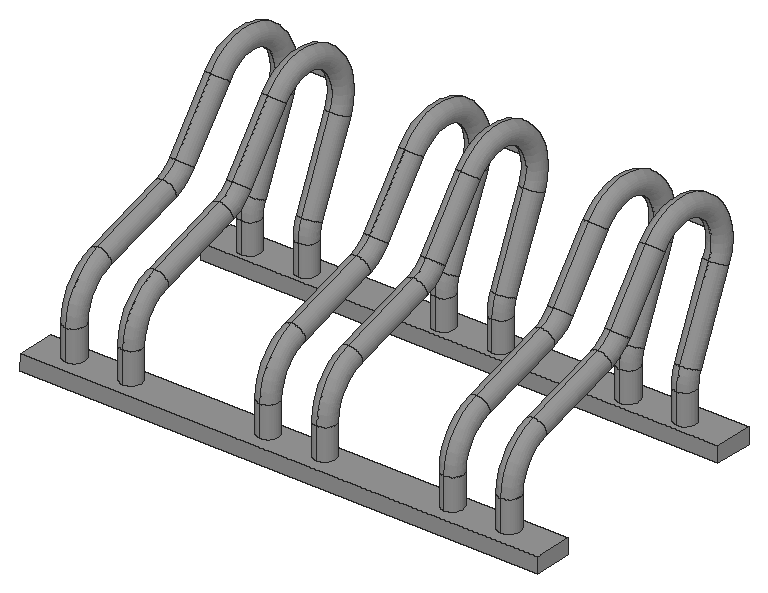
Revit family "19133 Велопарковка «Рапид» Хоббика", category Антураж, Revit 2018
Family settings
  На основе рабочей плоскости = Нет
  Всегда вертикально = Да
  При загрузке вырезать с полостями = Нет
  Источник визуального образа = Геометрия семейства
  Общий = Нет
  Точка расчета площади = Нет
Parameters (values of type "Версия 3 места")
  Ширина = 570 mm  # constant formula
  Цвет каркаса = Сталь
  Описание = if(Версия 2 места, "Велопарковка «Рапид». Версия на 2 места", "Велопарковка «Рапид». Версия на 3 места")  # "Велопарковка «Рапид». Версия на 3 места"
  Материал изделия = "Сталь"  # constant formula
  Изображение типоразмера = Велопарковка «Рапид» Арт 19133 3 места.jpeg
  Изготовитель = "ООО «Хоббика»"  # constant formula
  Длина = if(Версия 2 места, 580 mm, 1000 mm)  # 1000 mm
  Группа модели = "Велопарковки"  # constant formula
  Высота = 420 mm  # constant formula
  Версия 3 места = not(Версия 2 места)  # yes
  Версия 2 места = no
  Артикул товара = "Арт. 19133"  # constant formula
  URL = "https://hobbyka.ru/product/veloparkovka_rapid/"
Types (3, lengths in mm): name | Описание | Изображение типоразмера | Длина | Версия 3 места | Версия 2 места
  (no name) | "Велопарковка «Рапид». Версия на 3 места" | Велопарковка «Рапид» Арт 19133 3 места.jpeg | 1000 | yes | no
  Версия 2 места | "Велопарковка «Рапид». Версия на 2 места" | Велопарковка «Рапид» Арт 19133 2 места.jpeg | 580 | no | yes
  Версия 3 места | "Велопарковка «Рапид». Версия на 3 места" | Велопарковка «Рапид» Арт 19133 3 места.jpeg | 1000 | yes | no
Reference planes
  plane 1 "По центру (Вперед/Назад)": y = 0
  plane 2: z = 0
  plane 3 "По центру (Влево/Вправо)": x = 0
  plane 4: y = 570
  plane 5: x = 1000
  plane 6: z = 420
Forms (mm)
  Sweep 1, solid, material "Сталь" <- "Цвет каркаса"
    path origin (0, 0, 0) x (0, 1, 0) y (0, 0, 1)
      loop
        line (487.133, 30) -> (487.133, 87.743)
        arc (487.133, 87.743) -> (488.444, 100.217) -> (492.32, 112.147) r 60
        line (492.32, 112.147) -> (560.49, 265.259)
        arc (560.49, 265.259) -> (515.829, 404.779) -> (372.15, 376.2) r 110
        line (372.15, 376.2) -> (287.498, 263.862)
        arc (287.498, 263.862) -> (273.994, 250.822) -> (257.122, 242.593) r 60
        line (257.122, 242.593) -> (100.567, 194.729)
        arc (100.567, 194.729) -> (44.303, 154.966) -> (22.727, 89.536) r 110
        line (22.727, 89.536) -> (22.727, 30)
    profile origin (0, 487.133, 58.871) x (0, -1, 0) y (1, 0, 0)
      loop
        circle (20, 70) r 20
  Sweep 2, solid, material "Сталь" <- "Цвет каркаса"
    path origin (110, 0, 0) x (0, 1, 0) y (0, 0, 1)
      loop
        line (487.133, 30) -> (487.133, 87.743)
        arc (487.133, 87.743) -> (488.444, 100.217) -> (492.32, 112.147) r 60
        line (492.32, 112.147) -> (560.49, 265.259)
        arc (560.49, 265.259) -> (515.829, 404.779) -> (372.15, 376.2) r 110
        line (372.15, 376.2) -> (287.498, 263.862)
        arc (287.498, 263.862) -> (273.994, 250.822) -> (257.122, 242.593) r 60
        line (257.122, 242.593) -> (100.567, 194.729)
        arc (100.567, 194.729) -> (44.303, 154.966) -> (22.727, 89.536) r 110
        line (22.727, 89.536) -> (22.727, 30)
    profile origin (110, 487.133, 58.871) x (0, -1, 0) y (1, 0, 0)
      loop
        circle (20, 70) r 20
  Sweep 3, solid, material "Сталь" <- "Цвет каркаса", visible <- "Версия 2 места"
    path origin (330, 0, 0) x (0, 1, 0) y (0, 0, 1)
      loop
        line (487.133, 30) -> (487.133, 87.743)
        arc (487.133, 87.743) -> (488.444, 100.217) -> (492.32, 112.147) r 60
        line (492.32, 112.147) -> (560.49, 265.259)
        arc (560.49, 265.259) -> (515.829, 404.779) -> (372.15, 376.2) r 110
        line (372.15, 376.2) -> (287.498, 263.862)
        arc (287.498, 263.862) -> (273.994, 250.822) -> (257.122, 242.593) r 60
        line (257.122, 242.593) -> (100.567, 194.729)
        arc (100.567, 194.729) -> (44.303, 154.966) -> (22.727, 89.536) r 110
        line (22.727, 89.536) -> (22.727, 30)
    profile origin (330, 487.133, 58.871) x (0, -1, 0) y (1, 0, 0)
      loop
        circle (20, 70) r 20
  Sweep 4, solid, material "Сталь" <- "Цвет каркаса", visible <- "Версия 2 места"
    path origin (440, 0, 0) x (0, 1, 0) y (0, 0, 1)
      loop
        line (487.133, 30) -> (487.133, 87.743)
        arc (487.133, 87.743) -> (488.444, 100.217) -> (492.32, 112.147) r 60
        line (492.32, 112.147) -> (560.49, 265.259)
        arc (560.49, 265.259) -> (515.829, 404.779) -> (372.15, 376.2) r 110
        line (372.15, 376.2) -> (287.498, 263.862)
        arc (287.498, 263.862) -> (273.994, 250.822) -> (257.122, 242.593) r 60
        line (257.122, 242.593) -> (100.567, 194.729)
        arc (100.567, 194.729) -> (44.303, 154.966) -> (22.727, 89.536) r 110
        line (22.727, 89.536) -> (22.727, 30)
    profile origin (440, 487.133, 58.871) x (0, -1, 0) y (1, 0, 0)
      loop
        circle (20, 70) r 20
  Sweep 5, solid, material "Сталь" <- "Цвет каркаса", visible <- "Версия 3 места"
    path origin (375, 0, 0) x (0, 1, 0) y (0, 0, 1)
      loop
        line (487.133, 30) -> (487.133, 87.743)
        arc (487.133, 87.743) -> (488.444, 100.217) -> (492.32, 112.147) r 60
        line (492.32, 112.147) -> (560.49, 265.259)
        arc (560.49, 265.259) -> (515.829, 404.779) -> (372.15, 376.2) r 110
        line (372.15, 376.2) -> (287.498, 263.862)
        arc (287.498, 263.862) -> (273.994, 250.822) -> (257.122, 242.593) r 60
        line (257.122, 242.593) -> (100.567, 194.729)
        arc (100.567, 194.729) -> (44.303, 154.966) -> (22.727, 89.536) r 110
        line (22.727, 89.536) -> (22.727, 30)
    profile origin (375, 487.133, 58.871) x (0, -1, 0) y (1, 0, 0)
      loop
        circle (20, 70) r 20
  Sweep 6, solid, material "Сталь" <- "Цвет каркаса", visible <- "Версия 3 места"
    path origin (485, 0, 0) x (0, 1, 0) y (0, 0, 1)
      loop
        line (487.133, 30) -> (487.133, 87.743)
        arc (487.133, 87.743) -> (488.444, 100.217) -> (492.32, 112.147) r 60
        line (492.32, 112.147) -> (560.49, 265.259)
        arc (560.49, 265.259) -> (515.829, 404.779) -> (372.15, 376.2) r 110
        line (372.15, 376.2) -> (287.498, 263.862)
        arc (287.498, 263.862) -> (273.994, 250.822) -> (257.122, 242.593) r 60
        line (257.122, 242.593) -> (100.567, 194.729)
        arc (100.567, 194.729) -> (44.303, 154.966) -> (22.727, 89.536) r 110
        line (22.727, 89.536) -> (22.727, 30)
    profile origin (485, 487.133, 58.871) x (0, -1, 0) y (1, 0, 0)
      loop
        circle (20, 70) r 20
  Sweep 7, solid, material "Сталь" <- "Цвет каркаса", visible <- "Версия 3 места"
    path origin (731.725, 0, 0) x (0, 1, 0) y (0, 0, 1)
      loop
        line (487.133, 30) -> (487.133, 87.743)
        arc (487.133, 87.743) -> (488.444, 100.217) -> (492.32, 112.147) r 60
        line (492.32, 112.147) -> (560.49, 265.259)
        arc (560.49, 265.259) -> (515.829, 404.779) -> (372.15, 376.2) r 110
        line (372.15, 376.2) -> (287.498, 263.862)
        arc (287.498, 263.862) -> (273.994, 250.822) -> (257.122, 242.593) r 60
        line (257.122, 242.593) -> (100.567, 194.729)
        arc (100.567, 194.729) -> (44.303, 154.966) -> (22.727, 89.536) r 110
        line (22.727, 89.536) -> (22.727, 30)
    profile origin (731.725, 487.133, 58.871) x (0, -1, 0) y (1, 0, 0)
      loop
        circle (20, 70) r 20
  Sweep 8, solid, material "Сталь" <- "Цвет каркаса", visible <- "Версия 3 места"
    path origin (841.725, 0, 0) x (0, 1, 0) y (0, 0, 1)
      loop
        line (487.133, 30) -> (487.133, 87.743)
        arc (487.133, 87.743) -> (488.444, 100.217) -> (492.32, 112.147) r 60
        line (492.32, 112.147) -> (560.49, 265.259)
        arc (560.49, 265.259) -> (515.829, 404.779) -> (372.15, 376.2) r 110
        line (372.15, 376.2) -> (287.498, 263.862)
        arc (287.498, 263.862) -> (273.994, 250.822) -> (257.122, 242.593) r 60
        line (257.122, 242.593) -> (100.567, 194.729)
        arc (100.567, 194.729) -> (44.303, 154.966) -> (22.727, 89.536) r 110
        line (22.727, 89.536) -> (22.727, 30)
    profile origin (841.725, 487.133, 58.871) x (0, -1, 0) y (1, 0, 0)
      loop
        circle (20, 70) r 20
  Extrusion 9, solid, material "Сталь" <- "Цвет каркаса"
    sketch origin (0, 0, 0) x (0, 1, 0) y (0, 0, 1)
      loop
        line (72.727, 30) -> (0, 30) -> (0, 0) -> (72.727, 0) -> (72.727, 30)
      loop
        line (437.133, 30) -> (437.133, 0) -> (509.86, 0) -> (509.86, 30) -> (437.133, 30)
    from 0 to 1000
  Extrusion 10, solid, material "Сталь" <- "Цвет каркаса", visible <- "Версия 3 места"
    sketch origin (0, 0, 0) x (1, 0, 0) y (0, 1, 0)
      loop
        line (70, 549) -> (180, 549) -> (180, 551) -> (70, 551) -> (70, 549)
      loop
        line (445, 549) -> (555, 549) -> (555, 551) -> (445, 551) -> (445, 549)
      loop
        line (801.725, 549) -> (911.725, 549) -> (911.725, 551) -> (801.725, 551) -> (801.725, 549)
    from 320 to 340
  Extrusion 11, solid, material "Сталь" <- "Цвет каркаса", visible <- "Версия 2 места"
    sketch origin (0, 0, 0) x (1, 0, 0) y (0, 1, 0)
      loop
        line (70, 549) -> (180, 549) -> (180, 551) -> (70, 551) -> (70, 549)
      loop
        line (400, 549) -> (510, 549) -> (510, 551) -> (400, 551) -> (400, 549)
    from 320 to 340
Dimensions and locks
  "Длина": plane 3 "По центру (Влево/Вправо)" to plane 5
  "Ширина": plane 4 to plane 1 "По центру (Вперед/Назад)"
  "Высота": plane 6 to plane 2
  plane 3 "По центру (Влево/Вправо)" to Extrusion 10 sketch curve to Extrusion 10 sketch curve to Extrusion 10 sketch curve to Extrusion 10 sketch curve to Extrusion 10 sketch curve to Extrusion 10 sketch curve = 70 mm locked, 110 mm locked, 265 mm locked, 110 mm locked, 246.725 mm locked, 110 mm locked
  plane 3 "По центру (Влево/Вправо)" to Extrusion 11 sketch curve to Extrusion 11 sketch curve to Extrusion 11 sketch curve to Extrusion 11 sketch curve = 70 mm locked, 110 mm locked, 220 mm locked, 110 mm
  aligned and locked: level to plane 2
  aligned and locked: plane 5 to Extrusion 9
Automatic sketch dimensions
  Sweep 1 sketch curve to plane 1 "По центру (Вперед/Назад)" = 22.727 mm
  Sweep 1 sketch curve to plane 1 "По центру (Вперед/Назад)" = 100.567 mm
  Sweep 1 sketch curve to Sweep 1 sketch curve = 32.161 mm
  Sweep 1 sketch curve to Sweep 1 sketch curve = 139.013 mm
  Sweep 1 sketch curve to Sweep 1 sketch curve = 17.542 mm
  Sweep 1 sketch curve to plane 6 = 156.138 mm
  Sweep 1 sketch curve to Sweep 1 sketch curve = 30.376 mm
  Sweep 1 sketch curve to plane 6 = 43.8 mm
  Sweep 1 sketch curve to Sweep 1 sketch curve = 84.652 mm
  Sweep 1 sketch curve to Sweep 1 sketch curve = 87.85 mm
  Sweep 1 sketch curve to plane 4 = 82.867 mm
  Sweep 1 sketch curve to Sweep 1 sketch curve = 5.187 mm
  Sweep 1 sketch curve to plane 4 = 22.867 mm
  Sweep 1 sketch curve to plane 4 = 9.51 mm
  Sweep 1 sketch curve to Sweep 1 sketch curve = 21.269 mm
  Sweep 1 sketch curve to Sweep 1 sketch curve = 47.864 mm
  level to Sweep 1 sketch curve = 112.147 mm
  Sweep 1 sketch curve to plane 6 = 154.741 mm
  level to Sweep 1 sketch curve = 30 mm  (x2)
  Sweep 1 sketch curve to profile plane = 20 mm
  plane 3 "По центру (Влево/Вправо)" to Sweep 1 sketch curve = 70 mm
  Sweep 2 sketch curve to plane 1 "По центру (Вперед/Назад)" = 22.727 mm
  Sweep 2 sketch curve to plane 1 "По центру (Вперед/Назад)" = 100.567 mm
  Sweep 2 sketch curve to Sweep 2 sketch curve = 32.161 mm
  Sweep 2 sketch curve to Sweep 2 sketch curve = 139.013 mm
  Sweep 2 sketch curve to Sweep 2 sketch curve = 17.542 mm
  Sweep 2 sketch curve to plane 6 = 156.138 mm
  Sweep 2 sketch curve to Sweep 2 sketch curve = 30.376 mm
  Sweep 2 sketch curve to plane 6 = 43.8 mm
  Sweep 2 sketch curve to Sweep 2 sketch curve = 84.652 mm
  Sweep 2 sketch curve to Sweep 2 sketch curve = 87.85 mm
  Sweep 2 sketch curve to plane 4 = 82.867 mm
  Sweep 2 sketch curve to Sweep 2 sketch curve = 5.187 mm
  Sweep 2 sketch curve to plane 4 = 22.867 mm
  Sweep 2 sketch curve to plane 4 = 9.51 mm
  Sweep 2 sketch curve to Sweep 2 sketch curve = 21.269 mm
  Sweep 2 sketch curve to Sweep 2 sketch curve = 47.864 mm
  level to Sweep 2 sketch curve = 112.147 mm
  Sweep 2 sketch curve to plane 6 = 154.741 mm
  level to Sweep 2 sketch curve = 30 mm  (x2)
  Sweep 2 sketch curve to profile plane = 20 mm
  profile plane to Sweep 2 sketch curve = 70 mm
  Sweep 3 sketch curve to plane 1 "По центру (Вперед/Назад)" = 22.727 mm
  Sweep 3 sketch curve to plane 1 "По центру (Вперед/Назад)" = 100.567 mm
  Sweep 3 sketch curve to Sweep 3 sketch curve = 32.161 mm
  Sweep 3 sketch curve to Sweep 3 sketch curve = 139.013 mm
  Sweep 3 sketch curve to Sweep 3 sketch curve = 17.542 mm
  Sweep 3 sketch curve to plane 6 = 156.138 mm
  Sweep 3 sketch curve to Sweep 3 sketch curve = 30.376 mm
  Sweep 3 sketch curve to plane 6 = 43.8 mm
  Sweep 3 sketch curve to Sweep 3 sketch curve = 84.652 mm
  Sweep 3 sketch curve to Sweep 3 sketch curve = 87.85 mm
  Sweep 3 sketch curve to plane 4 = 82.867 mm
  Sweep 3 sketch curve to Sweep 3 sketch curve = 5.187 mm
  Sweep 3 sketch curve to plane 4 = 22.867 mm
  Sweep 3 sketch curve to plane 4 = 9.51 mm
  Sweep 3 sketch curve to Sweep 3 sketch curve = 21.269 mm
  Sweep 3 sketch curve to Sweep 3 sketch curve = 47.864 mm
  level to Sweep 3 sketch curve = 112.147 mm
  Sweep 3 sketch curve to plane 6 = 154.741 mm
  level to Sweep 3 sketch curve = 30 mm  (x2)
  Sweep 3 sketch curve to profile plane = 20 mm
  profile plane to Sweep 3 sketch curve = 70 mm
  Sweep 4 sketch curve to plane 1 "По центру (Вперед/Назад)" = 22.727 mm
  Sweep 4 sketch curve to plane 1 "По центру (Вперед/Назад)" = 100.567 mm
  Sweep 4 sketch curve to Sweep 4 sketch curve = 32.161 mm
  Sweep 4 sketch curve to Sweep 4 sketch curve = 139.013 mm
  Sweep 4 sketch curve to Sweep 4 sketch curve = 17.542 mm
  Sweep 4 sketch curve to plane 6 = 156.138 mm
  Sweep 4 sketch curve to Sweep 4 sketch curve = 30.376 mm
  Sweep 4 sketch curve to plane 6 = 43.8 mm
  Sweep 4 sketch curve to Sweep 4 sketch curve = 84.652 mm
  Sweep 4 sketch curve to Sweep 4 sketch curve = 87.85 mm
  Sweep 4 sketch curve to plane 4 = 82.867 mm
  Sweep 4 sketch curve to Sweep 4 sketch curve = 5.187 mm
  Sweep 4 sketch curve to plane 4 = 22.867 mm
  Sweep 4 sketch curve to plane 4 = 9.51 mm
  Sweep 4 sketch curve to Sweep 4 sketch curve = 21.269 mm
  Sweep 4 sketch curve to Sweep 4 sketch curve = 47.864 mm
  level to Sweep 4 sketch curve = 112.147 mm
  Sweep 4 sketch curve to plane 6 = 154.741 mm
  level to Sweep 4 sketch curve = 30 mm  (x2)
  Sweep 4 sketch curve to profile plane = 20 mm
  profile plane to Sweep 4 sketch curve = 70 mm
  Sweep 5 sketch curve to plane 1 "По центру (Вперед/Назад)" = 22.727 mm
  Sweep 5 sketch curve to plane 1 "По центру (Вперед/Назад)" = 100.567 mm
  Sweep 5 sketch curve to Sweep 5 sketch curve = 32.161 mm
  Sweep 5 sketch curve to Sweep 5 sketch curve = 139.013 mm
  Sweep 5 sketch curve to Sweep 5 sketch curve = 17.542 mm
  Sweep 5 sketch curve to plane 6 = 156.138 mm
  Sweep 5 sketch curve to Sweep 5 sketch curve = 30.376 mm
  Sweep 5 sketch curve to plane 6 = 43.8 mm
  Sweep 5 sketch curve to Sweep 5 sketch curve = 84.652 mm
  Sweep 5 sketch curve to Sweep 5 sketch curve = 87.85 mm
  Sweep 5 sketch curve to plane 4 = 82.867 mm
  Sweep 5 sketch curve to Sweep 5 sketch curve = 5.187 mm
  Sweep 5 sketch curve to plane 4 = 22.867 mm
  Sweep 5 sketch curve to plane 4 = 9.51 mm
  Sweep 5 sketch curve to Sweep 5 sketch curve = 21.269 mm
  Sweep 5 sketch curve to Sweep 5 sketch curve = 47.864 mm
  level to Sweep 5 sketch curve = 112.147 mm
  Sweep 5 sketch curve to plane 6 = 154.741 mm
  level to Sweep 5 sketch curve = 30 mm  (x2)
  Sweep 5 sketch curve to profile plane = 20 mm
  profile plane to Sweep 5 sketch curve = 70 mm
  Sweep 6 sketch curve to plane 1 "По центру (Вперед/Назад)" = 22.727 mm
  Sweep 6 sketch curve to plane 1 "По центру (Вперед/Назад)" = 100.567 mm
  Sweep 6 sketch curve to Sweep 6 sketch curve = 32.161 mm
  Sweep 6 sketch curve to Sweep 6 sketch curve = 139.013 mm
  Sweep 6 sketch curve to Sweep 6 sketch curve = 17.542 mm
  Sweep 6 sketch curve to plane 6 = 156.138 mm
  Sweep 6 sketch curve to Sweep 6 sketch curve = 30.376 mm
  Sweep 6 sketch curve to plane 6 = 43.8 mm
  Sweep 6 sketch curve to Sweep 6 sketch curve = 84.652 mm
  Sweep 6 sketch curve to Sweep 6 sketch curve = 87.85 mm
  Sweep 6 sketch curve to plane 4 = 82.867 mm
  Sweep 6 sketch curve to Sweep 6 sketch curve = 5.187 mm
  Sweep 6 sketch curve to plane 4 = 22.867 mm
  Sweep 6 sketch curve to plane 4 = 9.51 mm
  Sweep 6 sketch curve to Sweep 6 sketch curve = 21.269 mm
  Sweep 6 sketch curve to Sweep 6 sketch curve = 47.864 mm
  level to Sweep 6 sketch curve = 112.147 mm
  Sweep 6 sketch curve to plane 6 = 154.741 mm
  level to Sweep 6 sketch curve = 30 mm  (x2)
  Sweep 6 sketch curve to profile plane = 20 mm
  profile plane to Sweep 6 sketch curve = 70 mm
  Sweep 7 sketch curve to plane 1 "По центру (Вперед/Назад)" = 22.727 mm
  Sweep 7 sketch curve to plane 1 "По центру (Вперед/Назад)" = 100.567 mm
  Sweep 7 sketch curve to Sweep 7 sketch curve = 32.161 mm
  Sweep 7 sketch curve to Sweep 7 sketch curve = 139.013 mm
  Sweep 7 sketch curve to Sweep 7 sketch curve = 17.542 mm
  Sweep 7 sketch curve to plane 6 = 156.138 mm
  Sweep 7 sketch curve to Sweep 7 sketch curve = 30.376 mm
  Sweep 7 sketch curve to plane 6 = 43.8 mm
  Sweep 7 sketch curve to Sweep 7 sketch curve = 84.652 mm
  Sweep 7 sketch curve to Sweep 7 sketch curve = 87.85 mm
  Sweep 7 sketch curve to plane 4 = 82.867 mm
  Sweep 7 sketch curve to Sweep 7 sketch curve = 5.187 mm
  Sweep 7 sketch curve to plane 4 = 22.867 mm
  Sweep 7 sketch curve to plane 4 = 9.51 mm
  Sweep 7 sketch curve to Sweep 7 sketch curve = 21.269 mm
  Sweep 7 sketch curve to Sweep 7 sketch curve = 47.864 mm
  level to Sweep 7 sketch curve = 112.147 mm
  Sweep 7 sketch curve to plane 6 = 154.741 mm
  level to Sweep 7 sketch curve = 30 mm  (x2)
  Sweep 7 sketch curve to profile plane = 20 mm
  profile plane to Sweep 7 sketch curve = 70 mm
  Sweep 8 sketch curve to plane 1 "По центру (Вперед/Назад)" = 22.727 mm
  Sweep 8 sketch curve to plane 1 "По центру (Вперед/Назад)" = 100.567 mm
  Sweep 8 sketch curve to Sweep 8 sketch curve = 32.161 mm
  Sweep 8 sketch curve to Sweep 8 sketch curve = 139.013 mm
  Sweep 8 sketch curve to Sweep 8 sketch curve = 17.542 mm
  Sweep 8 sketch curve to plane 6 = 156.138 mm
  Sweep 8 sketch curve to Sweep 8 sketch curve = 30.376 mm
  Sweep 8 sketch curve to plane 6 = 43.8 mm
  Sweep 8 sketch curve to Sweep 8 sketch curve = 84.652 mm
  Sweep 8 sketch curve to Sweep 8 sketch curve = 87.85 mm
  Sweep 8 sketch curve to plane 4 = 82.867 mm
  Sweep 8 sketch curve to Sweep 8 sketch curve = 5.187 mm
  Sweep 8 sketch curve to plane 4 = 22.867 mm
  Sweep 8 sketch curve to plane 4 = 9.51 mm
  Sweep 8 sketch curve to Sweep 8 sketch curve = 21.269 mm
  Sweep 8 sketch curve to Sweep 8 sketch curve = 47.864 mm
  level to Sweep 8 sketch curve = 112.147 mm
  Sweep 8 sketch curve to plane 6 = 154.741 mm
  level to Sweep 8 sketch curve = 30 mm  (x2)
  Sweep 8 sketch curve to profile plane = 20 mm
  profile plane to Sweep 8 sketch curve = 70 mm
  Extrusion 9 sketch curve to plane 1 "По центру (Вперед/Назад)" = 0 mm
  Extrusion 9 sketch curve to level = 0 mm  (x2)
  Extrusion 9 sketch curve to plane 1 "По центру (Вперед/Назад)" = 72.727 mm
  level to Extrusion 9 sketch curve = 30 mm
  Extrusion 9 sketch curve to plane 4 = 132.867 mm
  Extrusion 9 sketch curve to plane 4 = 60.14 mm
  Extrusion 9 sketch curve to Extrusion 9 sketch curve = 30 mm
  Extrusion 10 sketch curve to plane 4 = 21 mm  (x3)
  Extrusion 10 sketch curve to Extrusion 10 sketch curve = 2 mm  (x3)
  Extrusion 11 sketch curve to plane 4 = 19 mm  (x2)
  Extrusion 11 sketch curve to Extrusion 11 sketch curve = 2 mm  (x2)
  radius of Sweep 1 sketch curve = 20 mm
  radius of Sweep 2 sketch curve = 20 mm
  radius of Sweep 3 sketch curve = 20 mm
  radius of Sweep 4 sketch curve = 20 mm
  radius of Sweep 5 sketch curve = 20 mm
  radius of Sweep 6 sketch curve = 20 mm
  radius of Sweep 7 sketch curve = 20 mm
  radius of Sweep 8 sketch curve = 20 mm
